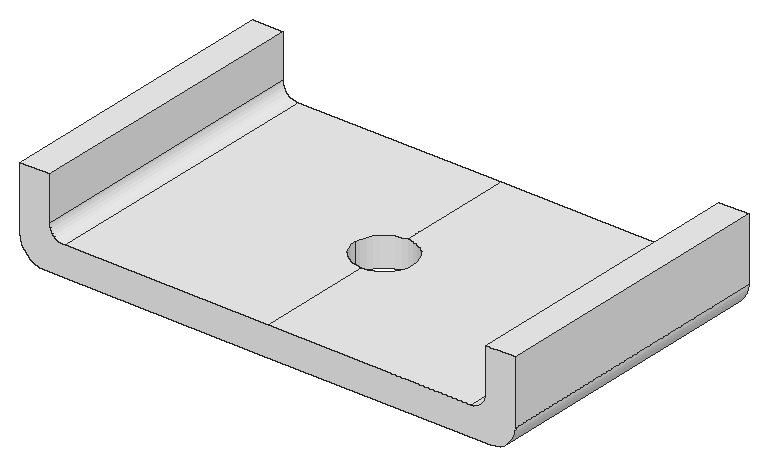
Revit family "QSS+_Подвес для соединения стальной шины", category Обобщенные модели, Revit 2019
Family settings
  Может служить основой для арматурных стержней = Нет
  Размер круглого соединителя = Использовать диаметр
  Тип детали = Нормальный
  На основе рабочей плоскости = Нет
  Всегда вертикально = Нет
  При загрузке вырезать с полостями = Нет
  Общий = Да
  Точка расчета площади = Нет
Parameters (values of type "QSS")
  Материал_Корпус = Металл
  Высота = 30 mm  # constant formula
  URL = "www.agpipe.ru"
  ADSK_Примечание = ""
  ADSK_Позиция [instance] = ""
  ADSK_Обозначение = ""
  ADSK_Наименование [instance] = "Подвес для соединения стальной шины 30/30"  # constant formula
  ADSK_Масса_Текст [instance] = ""
  ADSK_Код изделия [instance] = "QSS-PSS-114503"  # constant formula
  ADSK_Завод-изготовитель = "Agpipe"  # constant formula
  ADSK_Единица измерения = "шт."  # constant formula
Types (2): name
  QSS
  QSS+
Reference planes
  plane 1 "По центру (Вперед/Назад)": y = 0
  plane 2: z = 0
  plane 3 "По центру (Влево/Вправо)": x = 0
Forms (mm)
  Extrusion 1, solid, material "Металл"
    sketch origin (0, 0, 0) x (1, 0, 0) y (0, 0, 1)
      loop
        line (0, 0) -> (15.332, 0)
        arc (15.332, 0) -> (16.511, 0.489) -> (17, 1.668) r 1.668
        line (17, 1.668) -> (17, 6) -> (15, 6) -> (15, 3.038)
        arc (15, 3.038) -> (14.696, 2.304) -> (13.962, 2) r 1.038
        line (13.962, 2) -> (0, 2) -> (-13.962, 2)
        arc (-13.962, 2) -> (-14.696, 2.304) -> (-15, 3.038) r 1.038
        line (-15, 3.038) -> (-15, 6) -> (-17, 6) -> (-17, 1.668)
        arc (-17, 1.668) -> (-16.511, 0.489) -> (-15.332, 0) r 1.668
        line (-15.332, 0) -> (0, 0)
    from -10 to 10
  Extrusion 2, void
    sketch origin (0, 0, 0) x (1, 0, 0) y (0, 1, 0)
      loop
        circle (0, 0) r 2
    from -1.13 to 3.466
Cuts and joins
  Extrusion 2 cuts Extrusion 1
Dimensions and locks
  aligned and locked: level to plane 2
